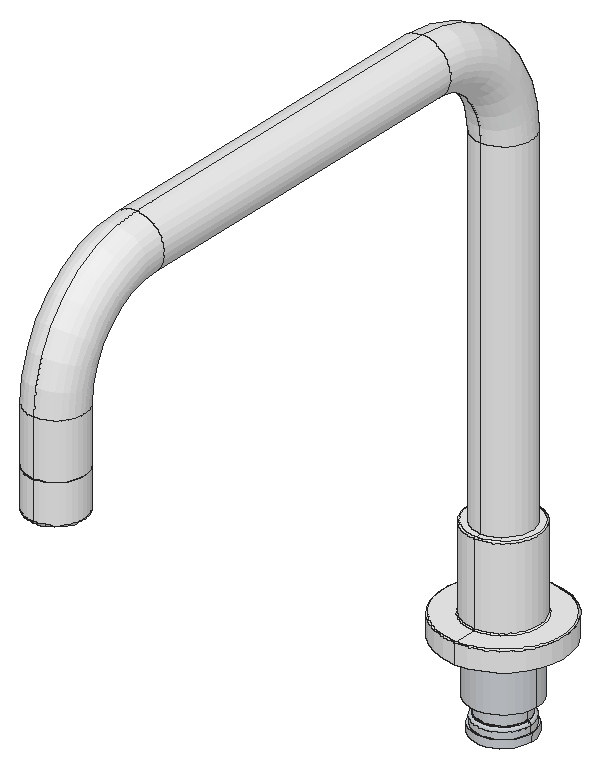
Revit family "Reece_Tap_Sussex_Scala_Square_Spa Outlet", category Plumbing Fixtures, host Face, Revit 2018
Family settings
  Host = Face
  Round Connector Dimension = Use Diameter
  Part Type = Normal
  Cut with Voids When Loaded = No
  Shared = Yes
  Room Calculation Point = Yes
Parameters (values of type "250 mm_Satin Chrome")
  WFU = 0  # constant formula
  URL = "https://www.reece.com.au/product/-2261657"
  Type Comments = "Tap"
  Reece_Tap_Reach = 250 mm  # constant formula
  Reece_Tap_Inlet = 12 mm  # constant formula
  Reece_Tap_Clearance = 160 mm  # constant formula
  Reece_Product_Web Page = "https://www.reece.com.au/product/-2261657"
  Reece_Product_Type = "Tap"  # constant formula
  Reece_Product_Sub Brand = "Scala"  # constant formula
  Reece_Product_Number = "2261657"
  Reece_Product_Mount = "Hob Mounted"
  Reece_Product_Description = "Sussex Scala Hob Spa Outlet Square Satin Chrome"
  Reece_Product_Brand = "Sussex"  # constant formula
  Reece_Overall_Length = 262.5 mm  # constant formula
  Reece_Overall_Height = 260 mm  # constant formula
  Reece_Material_Main = Reece_Brass_Satin Chrome
  Reece_Detail_Type = "Spa Outlet"  # constant formula
  Reece_Detail_Shape = "Square"  # constant formula
  Reece_Detail_Disclaimer = "THIS FILE IS THE PROPERTY OF THE REECE GROUP. IT MAY NOT BE REPRODUCED, REVERSE-ENGINEERED OR MODIFIED. ANY REPUBLICATION, TRANSMISSION OR DISTRIBUTION FOR THE PURPOSE OF COMMERCIALLY EXPLOITING THE FILES IS PROHIBITED."  # constant formula
  Reece_Detail_Connector = ""
  Model = "Scala"
  Manufacturer = "Sussex"
  Keynote = "Product #2261657, Reece_Tap_Sussex_Scala_Square_Spa Outlet - 250 mm_Satin Chrome"
  HWFU = 0  # constant formula
  Disclaimer = "THIS FILE IS THE PROPERTY OF THE REECE GROUP. IT MAY NOT BE REPRODUCED, REVERSE-ENGINEERED OR MODIFIED. ANY REPUBLICATION, TRANSMISSION OR DISTRIBUTION FOR THE PURPOSE OF COMMERCIALLY EXPLOITING THE FILES IS PROHIBITED."  # constant formula
  Description = "Scala Hob Spa Outlet Square Satin Chrome"
  Default Elevation = 1000 mm
  CWFU = 0  # constant formula
Types (3, lengths in mm): name | URL | Reece_Product_Web Page | Reece_Product_Number | Reece_Product_Description | Reece_Material_Main | Keynote | Description
  250 mm_Chrome | "https://www.reece.com.au/product/-2261612" | "https://www.reece.com.au/product/-2261612" | "2261612" | "Sussex Scala Hob Spa Outlet Square Chrome" | Reece_Brass_Chrome | "Product #2261612, Reece_Tap_Sussex_Scala_Square_Spa Outlet - 250 mm_Chrome" | "Scala Hob Spa Outlet Square Chrome"
  250 mm_PVD Brushed Platinum Gold | "https://www.reece.com.au/product/-2268282" | "https://www.reece.com.au/product/-2268282" | "2268282" | "Sussex Scala Hob Spa Outlet Square LUX PVD Brushed Platinum Gold" | Reece_PVD_Brushed_Platinum Gold | "Product #2268282, Reece_Tap_Sussex_Scala_Square_Spa Outlet - 250 mm_PVD Brushed Platinum Gold" | "Scala Hob Spa Outlet Square LUX PVD Brushed Platinum Gold"
  250 mm_Satin Chrome | "https://www.reece.com.au/product/-2261657" | "https://www.reece.com.au/product/-2261657" | "2261657" | "Sussex Scala Hob Spa Outlet Square Satin Chrome" | Reece_Brass_Satin Chrome | "Product #2261657, Reece_Tap_Sussex_Scala_Square_Spa Outlet - 250 mm_Satin Chrome" | "Scala Hob Spa Outlet Square Satin Chrome"
Reference planes
  plane 1 "Center (Front/Back)": y = 0
  plane 2 "Bottom": z = 0
  plane 3 "Center (Left/Right)": x = 0
  plane 4 "Top": z = 260
  plane 5: y = -250
  plane 6: y = -262.5
  plane 7: z = 160
  plane 8: y = 27
  plane 9: y = -27
  plane 10: z = 9
Forms (mm)
  Sweep 1, solid, material "Reece_Brass_Satin Chrome" <- "Reece_Material_Main"
    path origin (0, 0, 0) x (0, 1, 0) y (0, 0, 1)
      loop
        line (0, 46) -> (0, 202.5)
        arc (0, 202.5) -> (-13.18, 234.32) -> (-45, 247.5) r 45
        line (-45, 247.5) -> (-205, 247.5)
        arc (-205, 247.5) -> (-236.82, 234.32) -> (-250, 202.5) r 45
        line (-250, 202.5) -> (-250, 177.913)
    profile origin (0, 0, 124.25) x (0, -1, 0) y (1, 0, 0)
      loop
        circle (0, 0) r 12.5
  Revolve 2, solid, material "Reece_Brass_Satin Chrome" <- "Reece_Material_Main"
    sketch origin (0, 107, -22.3) x (0, 0, 1) y (0, -1, 0)
      loop
        line (201.334, 357) -> (201.334, 368.719) -> (199.8, 368.719) -> (199.8, 369.5) -> (182.8, 369.5)
        arc (182.8, 369.5) -> (182.446, 369.354) -> (182.3, 369) r 0.5
        line (182.3, 369) -> (182.3, 367.937) -> (183.488, 367.937) -> (183.488, 367.087) -> (182.3, 366.878) -> (182.3, 357) -> (201.334, 357)
      axis (201.334, 357) -> (182.3, 357)
    angle from 0 to 360
  Extrusion 3, void
    sketch origin (0, 0, 0) x (1, 0, 0) y (0, 1, 0)
      loop
        circle (0, 0) r 16
    from 5 to -50
  Revolve 4, solid, material "Reece_Brass_Satin Chrome" <- "Reece_Material_Main"
    sketch origin (0, 0, 0) x (0, 1, 0) y (0, 0, 1)
      loop
        line (0, 0) -> (0, 46) -> (-15.5, 46)
        arc (-15.5, 46) -> (-15.854, 45.854) -> (-16, 45.5) r 0.5
        line (-16, 45.5) -> (-16, 9.5)
        arc (-16, 9.5) -> (-16.146, 9.146) -> (-16.5, 9) r 0.5
        line (-16.5, 9) -> (-26.5, 9)
        arc (-26.5, 9) -> (-26.854, 8.854) -> (-27, 8.5) r 0.5
        line (-27, 8.5) -> (-27, 0) -> (0, 0)
      axis (0, 46) -> (0, 0)
    angle from 0 to 360
  Revolve 5, solid
    sketch origin (128.901, 0, 1219.2) x (1, 0, 0) y (0, 0, 1)
      loop
        line (-130.291, -1261.136) -> (-128.901, -1261.136) -> (-128.901, -1219.2) -> (-143.874, -1219.2) -> (-143.874, -1242.939) -> (-139.681, -1242.939) -> (-139.681, -1249.636) -> (-139.115, -1250.202) -> (-139.915, -1250.202)
        arc (-139.915, -1250.202) -> (-140.755, -1250.55) -> (-141.103, -1251.39) r 1.188
        line (-141.103, -1251.39) -> (-141.103, -1254.152) -> (-141.903, -1254.152) -> (-141.903, -1257.398) -> (-132.464, -1257.398) -> (-130.291, -1261.136)
      axis (-128.901, -1219.2) -> (-128.901, -1261.136)
    angle from 0 to 360
Cuts and joins
  Extrusion 3 cuts Sweep 1
  Extrusion 3 cuts Revolve 2
  joined: Sweep 1, Revolve 2, Revolve 4
Text (mm)
  text "Reece Copyright © 2018, Reece Ltd." at (-1403.988, -1192.393, 0), in view "Ref. Level"
  text "Reece ©" at (44.384, 258.95, 192.345), in view "Reece Preview"
Dimensions and locks
  "Reece_Overall_Height": plane 4 "Top" to plane 2 "Bottom"
  "Reece_Tap_Reach": plane 1 "Center (Front/Back)" to plane 5
  "Reece_Tap_Clearance": plane 2 "Bottom" to plane 7
  Sweep 1 sketch curve to plane 4 "Top" = 12.5 mm
  "Reece_Overall_Length": plane 1 "Center (Front/Back)" to plane 6
  plane 8 to plane 9 = 54 mm  (x2)
  plane 4 "Top" to plane 2 "Bottom" = 260 mm
  plane 5 to plane 1 "Center (Front/Back)" = 250 mm
  plane 6 to plane 1 "Center (Front/Back)" = 262.5 mm
  plane 10 to host face = 9 mm
  cut or joined group of Sweep 1, Revolve 2, Extrusion 3, Revolve 4 to host face = 46 mm
  aligned and locked: plane 2 "Bottom" to host face
  aligned and locked: level to host face
Automatic sketch dimensions
  host sketch curve to host sketch curve = 380.785 mm
  host sketch curve to host sketch curve = 317.421 mm
  Sweep 1 sketch curve to plane 3 "Center (Left/Right)" = 0 mm
  Sweep 1 sketch curve to profile plane = 0 mm
  plane 1 "Center (Front/Back)" to Extrusion 3 sketch curve = 0 mm
  Extrusion 3 sketch curve to plane 3 "Center (Left/Right)" = 0 mm
  Revolve 5 sketch curve to level = 0 mm
  Revolve 5 sketch curve to plane 3 "Center (Left/Right)" = 0 mm  (x2)
  Revolve 5 sketch curve to plane 3 "Center (Left/Right)" = 1.39 mm
  Revolve 5 sketch curve to plane 3 "Center (Left/Right)" = 3.563 mm
  Revolve 5 sketch curve to Revolve 5 sketch curve = 0.566 mm  (x2)
  Revolve 5 sketch curve to Revolve 5 sketch curve = 0.8 mm  (x2)
  Revolve 5 sketch curve to Revolve 5 sketch curve = 4.194 mm
  Revolve 5 sketch curve to level = 23.739 mm
  Revolve 5 sketch curve to Revolve 5 sketch curve = 6.697 mm
  Revolve 5 sketch curve to Revolve 5 sketch curve = 2.762 mm
  Revolve 5 sketch curve to Revolve 5 sketch curve = 3.246 mm
  Revolve 5 sketch curve to Revolve 5 sketch curve = 3.739 mm
  Revolve 5 sketch curve to Revolve 5 sketch curve = 0.681 mm
  plane 10 to Revolve 5 sketch curve = 0.43 mm
  Revolve 4 sketch curve to plane 9 = 0 mm
  Revolve 4 sketch curve to plane 10 = 0 mm
  Revolve 4 sketch curve to plane 1 "Center (Front/Back)" = 0 mm  (x2)
  level to Revolve 4 sketch curve = 0 mm
  plane 9 to Revolve 4 sketch curve = 0.5 mm
  Revolve 4 sketch curve to Revolve 4 sketch curve = 10 mm
  Revolve 4 sketch curve to Revolve 4 sketch curve = 0.5 mm  (x2)
  Revolve 4 sketch curve to Revolve 4 sketch curve = 36 mm
  Revolve 4 sketch curve to level = 4.194 mm
  Revolve 4 sketch curve to Revolve 4 sketch curve = 4.25 mm
  Revolve 2 sketch curve to plane 7 = 0 mm  (x2)
  Revolve 2 sketch curve to plane 5 = 0 mm  (x2)
  Revolve 2 sketch curve to plane 6 = 0 mm
  Revolve 2 sketch curve to plane 7 = 0.5 mm
  Revolve 2 sketch curve to plane 7 = 1.188 mm
  Revolve 2 sketch curve to plane 6 = 0.781 mm
  Revolve 2 sketch curve to Revolve 2 sketch curve = 16.312 mm
  Revolve 2 sketch curve to Revolve 2 sketch curve = 1.534 mm
  Revolve 2 sketch curve to Revolve 2 sketch curve = 2.122 mm
  Revolve 2 sketch curve to Revolve 2 sketch curve = 0.209 mm
  Revolve 2 sketch curve to Revolve 2 sketch curve = 1.06 mm
  Revolve 2 sketch curve to Revolve 2 sketch curve = 6 mm
  Revolve 2 sketch curve to Revolve 2 sketch curve = 1.966 mm
  Sweep 1 sketch curve to plane 5 = 0 mm
  Sweep 1 sketch curve to plane 1 "Center (Front/Back)" = 0 mm
  Sweep 1 sketch curve to plane 5 = 45 mm
  Sweep 1 sketch curve to plane 9 = 18 mm
  Sweep 1 sketch curve to plane 7 = 17.913 mm
  plane 10 to Sweep 1 sketch curve = 37 mm
  Revolve 5 sketch curve to Revolve 5 sketch curve = 6.651 mm
  Revolve 5 sketch curve to Revolve 5 sketch curve = 1.188 mm
  radius of Sweep 1 sketch curve = 12.5 mm
  radius of Extrusion 3 sketch curve = 16 mm
Connectors
  piping at (0, 0, -38.198), diameter 12, driven by "Reece_Tap_Inlet"
    settings: on Revolve 5, index 1, connector inside diameter 609.6 mm, connector length 0 mm, flow factor 0, pipe flow 0.0 L/s, pressure drop 0.0 Pa, fitting loss kfactor 0, connector angle 0.00°, fixture units 0, engagement length 0 mm, angle of deflection 0.00°, flow configuration 0, flow direction 1, fitting loss method 0, system type 29, joint type 0, gender type 0, connector reference index -1, connector utility 0, adjustable connector no, is connector primary yes, connector description ""
